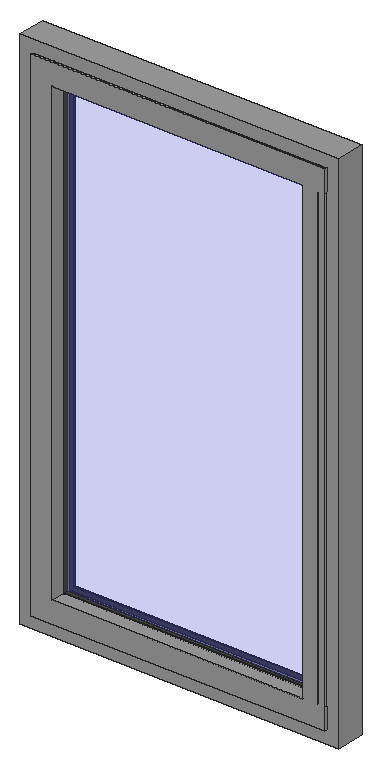
Revit family "SS_3250_LAP IP001_v02", category Windows, host Wall, Revit 2015
Parameters
  Wall Thickness [instance] = 0' - 6"
  URL = "obe.com"
  Rough Width = Width + 0' 0 1/2"  # 3' - 0 1/2"
  Rough Height = Height + 0' 0 1/2"  # 5' - 0 1/2"
  Offset Limitation [instance] = if((Offset + 0' 3 1/4") > Wall Thickness, (Wall Thickness - 0' 3 1/4"), Offset)  # 0' - 0"
  Offset [instance] = 0' - 0"
  Model = "SS_3250_LAP IP001"
  Manufacturer = "Oldcastle BuildingEnvelope®"
  Keynote = "08 51 00"
  Height = 5' - 0"
  Glass Material = Glass
  Gasket Material = Gasket
  Frame Material = Aluminum
  Description = "SIGNITURE SERIES 3.25 LAP"
  Default Sill Height = 3' - 0"
  Wall Closure = By host
  Width = 3' - 0"
  Assembly Code = "B2020"
Reference planes (in)
  plane 1 "Center (Front/Back)": y = 0
  plane 2: z = 0
  plane 3 "Center (Left/Right)": x = 0.25
  plane 4 "Left": x = -18
  plane 5 "Right": x = 18.5
  plane 6 "Sill": z = 36
  plane 7 "Top": z = 96.5
  plane 8 "Offset": y = 3
  plane 9: x = 18.25
  plane 10: z = 96.25
  plane 11: x = -17.75
  plane 12: z = 36.25
  plane 13: z = 39.25
  plane 14: z = 93.25
  plane 15 "INT": y = 1.451
Forms (in)
  Sweep 1, solid, material "Aluminum" <- "Frame Material"
    path origin (0, 3, 0) x (-1, 0, 0) y (0, 0, 1)
      loop
        line (17.75, 36) -> (17.75, 96.5)
    profile origin (-17.75, 3, 66.25) x (1, 0, 0) y (0, 1, 0)
      loop
        line (1.36814, -3.25) -> (1.36814, -0.08) -> (2.25, -0.08) -> (2.25, 0) -> (-0.25, 0) -> (-0.25, -0.08) -> (-0.25, -3.17) -> (-0.25, -3.25) -> (1.36814, -3.25)
  Extrusion 2, solid, material "Glass" <- "Glass Material"
    sketch origin (0, 0, 36) x (0, -1, 0) y (1, 0, 0)
      loop
        line (-2.451, 15.25) -> (-2.451, -14.75) -> (-1.451, -14.75) -> (-1.451, 15.25) -> (-2.451, 15.25)
    from 3.25 to 57.25
  Sweep 3, solid, material "Aluminum" <- "Frame Material"
    path origin (0, 3, 0) x (-1, 0, 0) y (0, 0, 1)
      loop
        line (-18.25, 96.5) -> (-18.25, 36)
    profile origin (18.25, 3, 66.25) x (0, 1, 0) y (-1, 0, 0)
      loop
        line (0, 2.25) -> (-0.08, 2.25) -> (-0.08, 1.36814) -> (-3.25, 1.36814) -> (-3.25, -0.25) -> (0, -0.25) -> (0, 2.25)
  Sweep 4, solid, material "Aluminum" <- "Frame Material"
    path origin (0, 3, 0) x (-1, 0, 0) y (0, 0, 1)
      loop
        line (18, 36.25) -> (-18.5, 36.25)
    profile origin (0.25, 3, 36.25) x (0, 0, -1) y (0, 1, 0)
      loop
        line (0.25, -3.25) -> (0.25, 0) -> (-2.25, 0) -> (-2.25, -0.08) -> (-1.375, -0.08) -> (-1.375, -3.25) -> (0.25, -3.25)
  Sweep 5, solid, material "Aluminum" <- "Frame Material"
    path origin (0, 3, 0) x (-1, 0, 0) y (0, 0, 1)
      loop
        line (-18.5, 96.25) -> (18, 96.25)
    profile origin (0.25, 3, 96.25) x (0, 0, 1) y (0, 1, 0)
      loop
        line (0.25, 0) -> (-2.25, 0) -> (-2.25, -0.17965) -> (-1.37526, -0.17965) -> (-1.37526, -3.25) -> (0.25, -3.25) -> (0.25, 0)
  Sweep 6, solid, material "Gasket" <- "Gasket Material", detail levels fine
    path origin (0, 3, 0) x (-1, 0, 0) y (0, 0, 1)
      loop
        line (-14.625, 92.625) -> (-14.625, 39.875) -> (14.125, 39.875) -> (14.125, 92.625) -> (-14.625, 92.625)
    profile origin (0.25, 3, 92.625) x (0, 0, 1) y (0, 1, 0)
      loop
        line (0.34093, -0.42398) -> (-0.014, -0.42398) -> (-0.014, -0.27489) -> (-0.05125, -0.28625) -> (-0.15422, -0.549) -> (0.34093, -0.549) -> (0.34093, -0.42398)
      loop
        line (-0.125, -1.549) -> (-0.03895, -1.829) -> (-0.00014, -1.829) -> (-0.01214, -1.74898) -> (0.16122, -1.74898) -> (0.23207, -1.66148) -> (0.3225, -1.58826)
        arc (0.3225, -1.58826) -> (0.33392, -1.57024) -> (0.33208, -1.549) r 0.03334
        line (0.33208, -1.549) -> (-0.125, -1.549)
  Sweep 7, solid, material "Aluminum" <- "Frame Material"
    path origin (0, 3, 0) x (-1, 0, 0) y (0, 0, 1)
      loop
        line (17.75, 95.1162) -> (17.75, 37.3838)
    profile origin (-17.75, 3, 66.25) x (0, 1, 0) y (-1, 0, 0)
      loop
        line (-0.25, -2) -> (-3.375, -2) -> (-3.375, -1.1338) -> (-3.5, -1.15625) -> (-3.5, -3.625) -> (-1.74898, -3.625) -> (-1.74898, -3) -> (-0.424, -3) -> (-0.424, -3.625) -> (-0.25, -3.625) -> (-0.25, -2)
  Sweep 8, solid, material "Aluminum" <- "Frame Material"
    path origin (0, 3, 0) x (-1, 0, 0) y (0, 0, 1)
      loop
        line (-18.25, 95.1162) -> (-18.25, 37.3838)
    profile origin (18.25, 3, 66.25) x (0, 1, 0) y (-1, 0, 0)
      loop
        line (-0.25, 2) -> (-0.25, 3.625) -> (-0.424, 3.625) -> (-0.424, 3) -> (-1.749, 3) -> (-1.749, 3.625) -> (-3.5, 3.625) -> (-3.5, 1.15625) -> (-3.375, 1.1338) -> (-3.375, 2) -> (-0.25, 2)
  Sweep 9, solid, material "Aluminum" <- "Frame Material"
    path origin (0, 3, 0) x (-1, 0, 0) y (0, 0, 1)
      loop
        line (-17.1162, 96.25) -> (16.6162, 96.25)
    profile origin (0.25, 3, 96.25) x (0, 0, 1) y (0, 1, 0)
      loop
        line (-2, -0.25) -> (-3.625, -0.25) -> (-3.625, -0.42398) -> (-3, -0.42398) -> (-3, -1.74898) -> (-3.62506, -1.74898) -> (-3.62506, -3.5) -> (-1.125, -3.5) -> (-1.125, -3.25) -> (-2, -3.25) -> (-2, -0.25)
  Sweep 10, solid, material "Aluminum" <- "Frame Material"
    path origin (0, 3, 0) x (-1, 0, 0) y (0, 0, 1)
      loop
        line (16.6162, 36.25) -> (-17.1162, 36.25)
    profile origin (0.25, 3, 36.25) x (0, 0, -1) y (0, 1, 0)
      loop
        line (-3.625, -0.25) -> (-3.625, -0.42398) -> (-3, -0.42398) -> (-3, -1.74898) -> (-3.625, -1.74898) -> (-3.625, -3.5) -> (-1.12455, -3.5) -> (-1.12455, -3.25) -> (-2, -3.25) -> (-2, -0.25) -> (-3.625, -0.25)
Cuts and joins
  joined: Sweep 1, Sweep 3, Sweep 4, Sweep 5
  joined: Sweep 7, Sweep 8, Sweep 9, Sweep 10
Lines and regions (in)
  Opening 1
    outline origin (-60, -3, 0) x (1, 0, 0) y (0, 0, 1)
      loop
        line (42, 96.5) -> (42, 36) -> (78.5, 36) -> (78.5, 96.5) -> (42, 96.5)
  model lines, style "Opening Direction"
    curve 1: line (14.625, 1.451, 92.625) -> (0.25, 1.451, 39.875)
    curve 2: line (0.25, 1.451, 39.875) -> (-14.125, 1.451, 92.625)
Text (in)
  text "EXTERIOR" at (-58.6888, 50.90694, 0), in view "Ref. Level"
  text "INTERIOR" at (-58.6888, -45.26638, 0), in view "Ref. Level"
  text "Exterior" at (0, 43.65631, 123.19604), in view "Left"
  text "Exterior" at (0, 18.29385, 125.04747), in view "Right"
  text "Min Operable Size\n\n14\" width x 18\" height\n\n\n\nMax Operable Size\n\n72\" x 48\"\n\n\n\nMax Operable Area\n\n20 square feet" at (93.76994, 68.06804, 0), in view "Ref. Level"
Dimensions and locks (in)
  "Rough Width": plane 4 "Left" to plane 5 "Right"
  "Rough Height": plane 6 "Sill" to plane 7 "Top"
  "Default Sill Height": plane 2 to plane 6 "Sill"
  "Wall Thickness": host wall to host wall
  "Offset Limitation": host wall to plane 8 "Offset"
  locked: plane 9 to plane 5 "Right" at 0.25
  locked: plane 10 to plane 7 "Top" at 0.25
  "Height": plane 12 to plane 10
  "Width": plane 11 to plane 9
  locked: plane 14 to plane 10 at 3
  locked: plane 12 to plane 13 at 3
  plane 8 "Offset" to Extrusion 2 sketch curve to Extrusion 2 sketch curve = 0' - 0.549" locked, 0' - 1" locked
  equal spacing: plane 4 "Left", plane 3 "Center (Left/Right)", plane 5 "Right"
  locked: plane 15 "INT" to plane 8 "Offset" at 1.549
  locked: Sweep 9 sketch curve to plane 9 at 1.1338
  locked: plane 11 to Sweep 9 sketch curve at 1.1338
  locked: plane 11 to Sweep 10 sketch curve at 1.1338
  locked: Sweep 10 sketch curve to plane 9 at 1.1338
  locked: Sweep 7 sketch curve to plane 10 at 1.1338
  locked: plane 12 to Sweep 7 sketch curve at 1.1338
  locked: plane 12 to Sweep 8 sketch curve at 1.1338
  locked: Sweep 8 sketch curve to plane 10 at 1.1338
  aligned and locked: plane 7 "Top" to Opening 1 sketch curve
  aligned and locked: plane 6 "Sill" to Opening 1 sketch curve  (x2)
  aligned and locked: plane 5 "Right" to Opening 1 sketch curve
  aligned and locked: plane 4 "Left" to Opening 1 sketch curve
  aligned and locked: level to plane 2
  aligned and locked: nested 2 to plane 12
  aligned and locked: plane 13 to Extrusion 2
  aligned and locked: Extrusion 2 to plane 14
  aligned and locked: plane 12 to nested 1
  aligned and locked: plane 3 "Center (Left/Right)" to nested 1
  aligned and locked: nested 1 to plane 8 "Offset"
  aligned and locked: plane 3 "Center (Left/Right)" to nested 2
  aligned and locked: nested 2 to plane 8 "Offset"
  aligned and locked: Sweep 7 sketch curve to plane 11
  aligned and locked: Sweep 8 sketch curve to plane 9
  aligned and locked: plane 10 to Sweep 9 sketch curve
  aligned and locked: Sweep 10 sketch curve to plane 12
  aligned and locked: plane 3 "Center (Left/Right)" to curve 2
Automatic sketch dimensions
  Extrusion 2 sketch curve to plane 11 = 0' - 3"
  plane 9 to Extrusion 2 sketch curve = 0' - 3"
  plane 9 to Sweep 3 sketch curve = 0' - 0"
  plane 12 to Sweep 3 sketch curve = 0' - 0 1/4"
  Sweep 3 sketch curve to plane 10 = 0' - 0 1/4"
  Sweep 3 sketch curve to plane 8 "Offset" = 0' - 0"
  profile plane to Sweep 3 sketch curve = 0' - 0 1/4"
  Sweep 1 sketch curve to plane 8 "Offset" = 0' - 0"
  profile plane to Sweep 1 sketch curve = 0' - 0 1/4"
  Sweep 1 sketch curve to Sweep 1 sketch curve = 0' - 3.17"
  Sweep 1 sketch curve to Sweep 1 sketch curve = 0' - 0.08"  (x3)
  Sweep 4 sketch curve to plane 8 "Offset" = 0' - 0"
  Sweep 4 sketch curve to profile plane = 0' - 0 1/4"
  Sweep 6 sketch curve to plane 13 = 0' - 0 5/8"
  Sweep 6 sketch curve to plane 11 = 0' - 3 5/8"
  plane 14 to Sweep 6 sketch curve = 0' - 0 5/8"
  plane 9 to Sweep 6 sketch curve = 0' - 3 5/8"
  profile plane to Sweep 6 sketch curve = 0' - 0.15422"
  profile plane to Sweep 6 sketch curve = 0' - 0 1/8"
  profile plane to Sweep 6 sketch curve = 0' - 0.05125"
  profile plane to Sweep 6 sketch curve = 0' - 0.014"
  profile plane to Sweep 6 sketch curve = 0' - 0.01214"
  Sweep 6 sketch curve to profile plane = 0' - 0.16122"
  Sweep 6 sketch curve to Sweep 6 sketch curve = 0' - 0.07085"
  Sweep 6 sketch curve to Sweep 6 sketch curve = 0' - 0.06945"
  Sweep 6 sketch curve to Sweep 6 sketch curve = 0' - 0.02098"
  Sweep 6 sketch curve to Sweep 6 sketch curve = 0' - 0.03056"
  Sweep 6 sketch curve to profile plane = 0' - 0.34093"
  Sweep 6 sketch curve to plane 8 "Offset" = 0' - 1.74898"
  Sweep 6 sketch curve to Sweep 6 sketch curve = 0' - 0.0875"
  Sweep 6 sketch curve to Sweep 6 sketch curve = 0' - 0.07323"
  Sweep 6 sketch curve to Sweep 6 sketch curve = 0' - 0.02591"
  Sweep 6 sketch curve to plane 8 "Offset" = 0' - 0.549"
  Sweep 6 sketch curve to Sweep 6 sketch curve = 0' - 0.12502"
  Sweep 6 sketch curve to Sweep 6 sketch curve = 0' - 0.13773"
  Sweep 6 sketch curve to Sweep 6 sketch curve = 0' - 0.01136"
  profile plane to Sweep 6 sketch curve = 0' - 0.03895"
  profile plane to Sweep 6 sketch curve = 0' - 0.00014"
  Sweep 6 sketch curve to Sweep 6 sketch curve = 0' - 0.08002"
  plane 11 to Sweep 1 sketch curve = 0' - 0"
  Sweep 1 sketch curve to plane 6 "Sill" = 0' - 0"
  Sweep 1 sketch curve to plane 7 "Top" = 0' - 0"
  plane 5 "Right" to Sweep 5 sketch curve = 0' - 0"
  plane 4 "Left" to Sweep 5 sketch curve = 0' - 0"
  Sweep 5 sketch curve to plane 10 = 0' - 0"
  plane 5 "Right" to Sweep 4 sketch curve = 0' - 0"
  plane 4 "Left" to Sweep 4 sketch curve = 0' - 0"
  Sweep 4 sketch curve to plane 12 = 0' - 0"
  Sweep 5 sketch curve to plane 8 "Offset" = 0' - 0"
  profile plane to Sweep 5 sketch curve = 0' - 2 1/4"
  Sweep 5 sketch curve to profile plane = 0' - 0 1/4"
  Sweep 5 sketch curve to Sweep 5 sketch curve = 0' - 3 1/4"
  Sweep 5 sketch curve to Sweep 5 sketch curve = 0' - 0.87474"
  Sweep 5 sketch curve to plane 8 "Offset" = 0' - 0.17965"
  Sweep 4 sketch curve to Sweep 4 sketch curve = 0' - 3 1/4"
  Sweep 4 sketch curve to Sweep 4 sketch curve = 0' - 0.08"
  Sweep 4 sketch curve to Sweep 4 sketch curve = 0' - 0 7/8"
  profile plane to Sweep 4 sketch curve = 0' - 1 3/8"
  Sweep 1 sketch curve to profile plane = 0' - 1.36814"
  Sweep 1 sketch curve to Sweep 1 sketch curve = 0' - 0.88186"
  Sweep 3 sketch curve to plane 8 "Offset" = 0' - 0.08"
  Sweep 3 sketch curve to plane 8 "Offset" = 0' - 3 1/4"
  Sweep 3 sketch curve to profile plane = 0' - 1.36814"
  Sweep 3 sketch curve to Sweep 3 sketch curve = 0' - 0.88186"
  Sweep 7 sketch curve to plane 8 "Offset" = 0' - 3 1/2"
  Sweep 7 sketch curve to plane 8 "Offset" = 0' - 1.74898"
  Sweep 7 sketch curve to plane 8 "Offset" = 0' - 0.424"
  Sweep 7 sketch curve to Sweep 7 sketch curve = 0' - 0.174"
  Sweep 7 sketch curve to Sweep 7 sketch curve = 0' - 0"
  Sweep 7 sketch curve to Sweep 7 sketch curve = 0' - 0 5/8"
  Sweep 7 sketch curve to Sweep 7 sketch curve = 0' - 1"
  Sweep 7 sketch curve to Sweep 7 sketch curve = 0' - 0 1/8"
  Sweep 7 sketch curve to Sweep 7 sketch curve = 0' - 0 27/32"
  profile plane to Sweep 7 sketch curve = 0' - 1 5/32"
  profile plane to Sweep 7 sketch curve = 0' - 1.1338"
  Sweep 8 sketch curve to plane 8 "Offset" = 0' - 0 1/4"
  Sweep 8 sketch curve to Sweep 8 sketch curve = 0' - 0.174"
  Sweep 8 sketch curve to Sweep 8 sketch curve = 0' - 0"
  Sweep 8 sketch curve to Sweep 8 sketch curve = 0' - 1.325"
  Sweep 8 sketch curve to Sweep 8 sketch curve = 0' - 0 5/8"
  Sweep 8 sketch curve to profile plane = 0' - 1.1338"
  Sweep 8 sketch curve to Sweep 8 sketch curve = 0' - 0 1/8"
  Sweep 8 sketch curve to Sweep 8 sketch curve = 0' - 1.626"
  Sweep 8 sketch curve to Sweep 8 sketch curve = 0' - 0.02245"
  Sweep 8 sketch curve to Sweep 8 sketch curve = 0' - 0.8662"
  Sweep 8 sketch curve to Sweep 8 sketch curve = 0' - 1"
  curve 1 to plane 13 = 0' - 0 5/8"
  plane 14 to curve 2 = 0' - 0 5/8"
  curve 2 to plane 11 = 0' - 3 5/8"
  plane 14 to curve 1 = 0' - 0 5/8"
  plane 9 to curve 1 = 0' - 3 5/8"
  Sweep 10 sketch curve to plane 8 "Offset" = 0' - 0 1/4"
  profile plane to Sweep 10 sketch curve = 0' - 3 5/8"
  Sweep 10 sketch curve to Sweep 10 sketch curve = 0' - 0"
  Sweep 10 sketch curve to Sweep 10 sketch curve = 0' - 0 5/8"
  Sweep 10 sketch curve to Sweep 10 sketch curve = 0' - 1 5/8"
  Sweep 10 sketch curve to Sweep 10 sketch curve = 0' - 0.87545"
  Sweep 10 sketch curve to Sweep 10 sketch curve = 0' - 0.17398"
  Sweep 10 sketch curve to Sweep 10 sketch curve = 0' - 1.325"
  Sweep 10 sketch curve to Sweep 10 sketch curve = 0' - 1.50102"
  Sweep 10 sketch curve to Sweep 10 sketch curve = 0' - 0 1/4"
  profile plane to Sweep 9 sketch curve = 0' - 3.62506"
  Sweep 9 sketch curve to plane 8 "Offset" = 0' - 0.42398"
  Sweep 9 sketch curve to Sweep 9 sketch curve = 0' - 0.00006"
  Sweep 9 sketch curve to Sweep 9 sketch curve = 0' - 0.62506"
  Sweep 9 sketch curve to Sweep 9 sketch curve = 0' - 1.62506"
  Sweep 9 sketch curve to Sweep 9 sketch curve = 0' - 0 7/8"
  Sweep 9 sketch curve to Sweep 9 sketch curve = 0' - 1.325"
  Sweep 9 sketch curve to Sweep 9 sketch curve = 0' - 1.50102"
  Sweep 9 sketch curve to Sweep 9 sketch curve = 0' - 0 1/4"
  Sweep 9 sketch curve to Sweep 9 sketch curve = 0' - 0.17398"
Nested families (in)
  nested 1: "S-3250 LAP-Plan View" at (0.25, 3, 0.25), Default Sill Height <- "Default Sill Height", Height <- "Height", Width <- "Width", type "S-3250 LAP-Plan View"
    with Width 3' - 0", Height 5' - 0", Default Sill Height 3' - 0"
  nested 2: "S-3250 LAP-Section Operable" at (0.25, 3, 0.25), Default Sill Height <- "Default Sill Height", Height <- "Height", Width <- "Width", type "S-3250 LAP-Section Operable"
    with Width 3' - 0", Height 5' - 0", Default Sill Height 3' - 0"
Definition of nested family "S-3250 LAP-Plan View"
  Parameters (values of type "S-3250 LAP-Plan View")
    Width [instance] = 3' - 0"
    Height [instance] = 3' - 0"
    Default Sill Height [instance] = 3' - 0"
    Analytic Construction = "<None>"
  Reference planes (in)
    plane 1 "Center (Front/Back)": y = 0
    plane 2: z = 0
    plane 3 "Center (Left/Right)": x = 0
    plane 4: z = 36
  Lines and regions (in)
    model lines, not visible
      curve 1: line (0, 0, 36) -> (0, 0, 72)
  Dimensions and locks (in)
    "Default Sill Height": plane 4 to plane 2
    "Height": plane 4 to curve 1
    aligned and locked: plane 2 to level
    aligned and locked: plane 4 to curve 1
    aligned and locked: plane 1 "Center (Front/Back)" to curve 1
    aligned and locked: nested 1 to plane 3 "Center (Left/Right)"
    aligned and locked: plane 1 "Center (Front/Back)" to nested 1
  Nested families (in)
    nested 1: "S-3250 LAP-Plan View" at (-18, 0, 0), Width <- "Width", type "S-3250 LAP-Plan View"
      with Width 3' - 0"
  Definition of nested family "S-3250 LAP-Plan View"
    Parameters (values of type "S-3250 LAP-Plan View")
      Width [instance] = 3' - 0"
    Reference planes (in)
      plane 1 "Center (Front/Back)": y = 0
      plane 2: z = 0
      plane 3 "C": x = 0
      plane 4: x = 36
      plane 5: x = 33
      plane 6: x = 3
      plane 7 "Center (Left/Right)": x = 18
    Lines and regions (in)
      detail lines, in view "Ref. Level"
        curve 1: line (33, -1.549, 0) -> (3, -1.549, 0)
        curve 2: line (33, -0.549, 0) -> (3, -0.549, 0)
    Dimensions and locks (in)
      "Width": plane 3 "C" to plane 4
      locked: plane 3 "C" to plane 6 at 3
      locked: plane 5 to plane 4 at 3
      equal spacing: plane 3 "C", plane 7 "Center (Left/Right)", plane 4
      aligned and locked: plane 1 "Center (Front/Back)" to nested 2
      aligned and locked: plane 1 "Center (Front/Back)" to nested 1
      aligned and locked: nested 2 to plane 3 "C"
      aligned and locked: plane 4 to nested 1
      aligned and locked: plane 5 to curve 1
      aligned and locked: plane 5 to curve 2
      aligned and locked: plane 6 to curve 1
      aligned and locked: plane 6 to curve 2
      aligned and locked: plane 5 to nested 1
    Automatic sketch dimensions
      plane 1 "Center (Front/Back)" to curve 1 = 0' - 1.549"
      plane 1 "Center (Front/Back)" to curve 2 = 0' - 0.549"
    Nested families (in)
      nested 1: "S-3250 LAP-JAMB L" at (36, 0, 0), type "S-3250 LAP-JAMB L", in view "Ref. Level"
      nested 2: "S-3250 LAP-JAMB R" at (0, 0, 0), type "S-3250 LAP-JAMB R", in view "Ref. Level"
    Definition of nested family "S-3250 LAP-JAMB L"
      Reference planes (in)
        plane 1 "Center (Front/Back)": y = 0
        plane 2: z = 0
        plane 3 "Center (Left/Right)": x = 0
      Lines and regions (in)
        detail lines, in view "Ref. Level"
          curve 1: line (-3.625, 3.5, 0) -> (-1.15625, 3.5, 0)
          curve 2: line (-1.15625, 3.5, 0) -> (-1.125, 3.326, 0)
          curve 3: line (-1.125, 3.326, 0) -> (-1.125, 3.25, 0)
          curve 4: line (-1.125, 3.25, 0) -> (0.25, 3.25, 0)
          curve 5: line (0.25, 3.25, 0) -> (0.25, 3.17, 0)
          curve 6: line (0.25, 3.17, 0) -> (0.25, 0.08, 0)
          curve 7: line (0.25, 0.08, 0) -> (0.25, 0, 0)
          curve 8: line (0.25, 0, 0) -> (-2.25, 0, 0)
          curve 9: line (-2.25, 0, 0) -> (-2.25, 0.25, 0)
          curve 10: line (-2.25, 0.25, 0) -> (-3.625, 0.25, 0)
          curve 11: line (-3.625, 0.25, 0) -> (-3.625, 0.549, 0)
          curve 12: line (-3.625, 0.549, 0) -> (-3, 0.549, 0)
          curve 13: line (-3, 0.549, 0) -> (-3, 1.549, 0)
          curve 14: line (-3, 1.549, 0) -> (-3.625, 1.549, 0)
          curve 15: line (-3.625, 1.549, 0) -> (-3.625, 3.5, 0)
    Definition of nested family "S-3250 LAP-JAMB R"
      Reference planes (in)
        plane 1 "Center (Front/Back)": y = 0
        plane 2: z = 0
        plane 3 "Center (Left/Right)": x = 0
      Lines and regions (in)
        detail lines, in view "Ref. Level"
          curve 1: line (3.625, 3.5, 0) -> (1.15625, 3.5, 0)
          curve 2: line (1.15625, 3.5, 0) -> (1.125, 3.326, 0)
          curve 3: line (1.125, 3.326, 0) -> (1.125, 3.25, 0)
          curve 4: line (1.125, 3.25, 0) -> (-0.25, 3.25, 0)
          curve 5: line (-0.25, 3.25, 0) -> (-0.25, 3.17, 0)
          curve 6: line (-0.25, 3.17, 0) -> (-0.25, 0.08, 0)
          curve 7: line (-0.25, 0.08, 0) -> (-0.25, 0, 0)
          curve 8: line (-0.25, 0, 0) -> (2.25, 0, 0)
          curve 9: line (2.25, 0, 0) -> (2.25, 0.25, 0)
          curve 10: line (2.25, 0.25, 0) -> (3.625, 0.25, 0)
          curve 11: line (3.625, 0.25, 0) -> (3.625, 0.549, 0)
          curve 12: line (3.625, 0.549, 0) -> (3, 0.549, 0)
          curve 13: line (3, 0.549, 0) -> (3, 1.549, 0)
          curve 14: line (3, 1.549, 0) -> (3.625, 1.549, 0)
          curve 15: line (3.625, 1.549, 0) -> (3.625, 3.5, 0)
Definition of nested family "S-3250 LAP-Section Operable"
  Parameters (values of type "S-3250 LAP-Section Operable")
    Width [instance] = 3' - 0"
    Height [instance] = 3' - 0"
    Default Sill Height [instance] = 3' - 0"
    Analytic Construction = "<None>"
  Reference planes (in)
    plane 1 "Center (Front/Back)": y = 0
    plane 2: z = 0
    plane 3 "Center (Left/Right)": x = 0
    plane 4: z = 36
  Lines and regions (in)
    model lines, not visible
      curve 1: line (-18, 0, 0) -> (18, 0, 0)
  Dimensions and locks (in)
    equal spacing: curve 1, plane 3 "Center (Left/Right)", curve 1
    "Width": curve 1 to curve 1
    "Default Sill Height": plane 4 to plane 2
    aligned and locked: plane 2 to level
    aligned and locked: nested 1 to plane 1 "Center (Front/Back)"
    aligned and locked: plane 4 to nested 1
    aligned and locked: plane 1 "Center (Front/Back)" to curve 1
  Nested families (in)
    nested 1: "S-3250 LAP-Section Operable" at (0, 0, 36) x (0, -1, 0) z (1, 0, 0), Height <- "Height", type "S-3250 LAP-Section Operable"
      with Height 3' - 0"
  Definition of nested family "S-3250 LAP-Section Operable"
    Parameters (values of type "SHS-Section")
      Height [instance] = 3' - 0"
    Reference planes (in)
      plane 1 "Center (Front/Back)": y = 0
      plane 2: z = 0
      plane 3 "Center (Left/Right)": x = 0
      plane 4: y = 36
      plane 5: y = 33
      plane 6: y = 3
    Lines and regions (in)
      detail lines, in view "Ref. Level"
        curve 1: line (0.549, 33, 0) -> (0.549, 3, 0)
        curve 2: line (1.549, 33, 0) -> (1.549, 3, 0)
    Dimensions and locks (in)
      locked: plane 4 to plane 5 at 3
      locked: plane 6 to plane 1 "Center (Front/Back)" at 3
      "Height": plane 1 "Center (Front/Back)" to plane 4
      aligned and locked: plane 3 "Center (Left/Right)" to nested 2
      aligned and locked: plane 3 "Center (Left/Right)" to nested 1
      aligned and locked: nested 1 to plane 4
      aligned and locked: plane 1 "Center (Front/Back)" to nested 2
      aligned and locked: plane 5 to curve 2
      aligned and locked: plane 5 to curve 1
      aligned and locked: plane 6 to curve 2
      aligned and locked: plane 6 to curve 1
    Automatic sketch dimensions
      plane 3 "Center (Left/Right)" to curve 1 = 0' - 0.549"
      curve 1 to curve 2 = 0' - 1"
    Nested families (in)
      nested 1: "4-HEAD" at (0, 36, 0), type "4-HEAD", in view "Ref. Level"
      nested 2: "6-SILL" at (0, 0, 0), type "6-SILL", in view "Ref. Level"
    Definition of nested family "4-HEAD"
      Reference planes (in)
        plane 1 "Center (Front/Back)": y = 0
        plane 2: z = 0
        plane 3 "Center (Left/Right)": x = 0
      Lines and regions (in)
        detail lines, in view "Ref. Level"
          curve 1: line (3.5, -3.62506, 0) -> (3.5, -1.15625, 0)
          curve 2: line (3.5, -1.15625, 0) -> (3.326, -1.125, 0)
          curve 3: line (3.326, -1.125, 0) -> (3.25, -1.125, 0)
          curve 4: line (3.25, -1.125, 0) -> (3.25, 0.25, 0)
          curve 5: line (3.25, 0.25, 0) -> (3.17, 0.25, 0)
          curve 6: line (3.17, 0.25, 0) -> (0.08, 0.25, 0)
          curve 7: line (0.08, 0.25, 0) -> (0, 0.25, 0)
          curve 8: line (0, 0.25, 0) -> (0, -2.25, 0)
          curve 9: line (0, -2.25, 0) -> (0.25, -2.25, 0)
          curve 10: line (0.25, -2.25, 0) -> (0.25, -3.625, 0)
          curve 11: line (0.25, -3.625, 0) -> (0.54897, -3.625, 0)
          curve 12: line (0.54897, -3.625, 0) -> (0.54897, -3, 0)
          curve 13: line (0.54897, -3, 0) -> (1.549, -3, 0)
          curve 14: line (1.549, -3, 0) -> (1.549, -3.62506, 0)
          curve 15: line (1.549, -3.62506, 0) -> (3.5, -3.62506, 0)
    Definition of nested family "6-SILL"
      Reference planes (in)
        plane 1 "Center (Front/Back)": y = 0
        plane 2: z = 0
        plane 3 "Center (Left/Right)": x = 0
      Lines and regions (in)
        detail lines, in view "Ref. Level"
          curve 1: line (0.08, -0.25, 0) -> (3.17, -0.25, 0)
          curve 2: line (3.17, -0.25, 0) -> (3.25, -0.25, 0)
          curve 3: line (3.25, -0.25, 0) -> (3.25, 1.12456, 0)
          curve 4: line (3.25, 1.12456, 0) -> (3.326, 1.125, 0)
          curve 5: line (3.326, 1.125, 0) -> (3.5, 1.15625, 0)
          curve 6: line (3.5, 1.15625, 0) -> (3.5, 3.625, 0)
          curve 7: line (3.5, 3.625, 0) -> (1.549, 3.625, 0)
          curve 8: line (1.549, 3.625, 0) -> (1.549, 3, 0)
          curve 9: line (1.549, 3, 0) -> (0.549, 3, 0)
          curve 10: line (0.549, 3, 0) -> (0.549, 3.625, 0)
          curve 11: line (0.549, 3.625, 0) -> (0.25, 3.625, 0)
          curve 12: line (0.25, 3.625, 0) -> (0.25, 2.25, 0)
          curve 13: line (0.25, 2.25, 0) -> (0, 2.25, 0)
          curve 14: line (0, 2.25, 0) -> (0, -0.25, 0)
          curve 15: line (0, -0.25, 0) -> (0.04, -0.25, 0)
